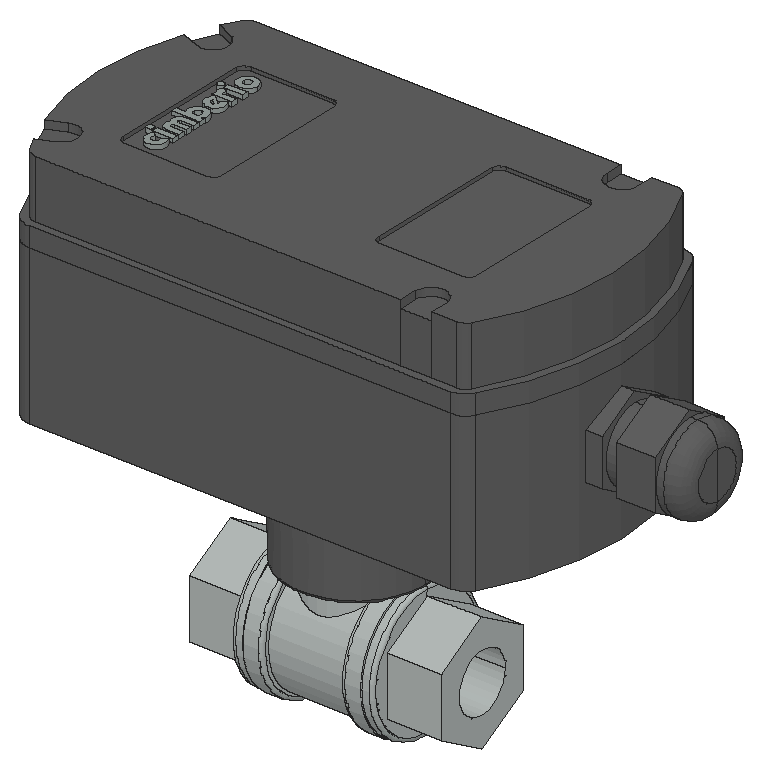
Revit family "QD31500000", category Apparecchi idraulici, Revit 2020
Family settings
  Quota connettore circolare = Usa diametro
  Tipo di parte = Normale
  Numero OmniClass = 23.45.00.00
  Titolo OmniClass = Sanitary, Laundry, and Cleaning Equipment
  Basato su piano di lavoro = No
  Sempre verticale = Sì
  Taglio con vuoti quando caricato = No
  Condiviso = No
  Punto di calcolo locali = No
Parameters
  URL = "https://web.cimberio.it/index.php/figura/615?subcategoria_id=74926"
  Temperatura di esercizio = "-20 ÷ 150°C"
  Prospetto di default = 0 mm
  Produttore = "CIMBERIO SPA"
  Pressione nominale = "PN 100 (1/2\"); PN 64 (3/4\" ÷ 1\")"
  Modello = "Cim 702RE"
  Materiale = "Prodotto in lega di ottone conforme alla norma EN 12165-CW617N-DW"
  Descrizione = "Utilizzato nei più svariati settori dell'impiantistica: impianti di riscaldamento, condizionamento, idrici, igienico-sanitari, aria compressa e in generale con ogni fluido non corrosivo.\r\nParticolarmente indicato come valvola di zona per la regolazione e contabilizzazione di impianti di riscaldamento singoli o a zone, impianti con utilizzazione di energie alternative, impianti con fluidi caldi o freddi e impianti di automazione in genere."
  DN Model [instance] = QD31501015 : QD31501015
  DN [instance] = 15 mm
  Commenti sul tipo = "Realizzato in ottemperanza ai requisiti gestionali della norma EN ISO 9001.\r\nCollaudato al 100% secondo la normativa EN 12266-1."
Reference planes
  plane 1 "Centro (Fronte/Retro)": y = 0
  plane 2: z = 0
  plane 3 "Centro (Sinistra/Destra)": x = 0
Dimensions and locks
  aligned and locked: level to plane 2
Nested families
  nested 1: "QD31501015" at (0, 0, 0), type <- "DN Model", type "QD31501015"
  nested 2: "QD31501015" at (0, 0, 0), type <- "DN Model", type "QD31501015"
  nested 3: "QD31501015" at (0, 0, 0), type <- "DN Model", type "QD31501015"
  nested 4: "QD31501015" at (0, 0, 0), type <- "DN Model", type "QD31501015"
  nested 5: "QD31501015" at (0, 0, 0), type <- "DN Model", type "QD31501015"
  nested 6: "QD31501015" at (0, 0, 0), type <- "DN Model", type "QD31501015"
  nested 7: "QD31501015" at (0, 0, 0), type <- "DN Model", type "QD31501015"
  nested 8: "QD31501015" at (0, 0, 0), type <- "DN Model", type "QD31501015"
  nested 9: "QD31501015" at (0, 0, 0), type <- "DN Model", type "QD31501015"
Connectors
  piping at (32.05, 0, 0), diameter 15, driven by "DN"
    settings: on nested 1, index 1, connector inside diameter 609.6 mm, connector length 0 mm, flow factor 0, pipe flow 0.0 L/s, pressure drop 0.0 Pa, fitting loss kfactor 0, connector angle 0.00°, fixture units 0, engagement length 0 mm, angle of deflection 0.00°, flow configuration 0, flow direction 0, fitting loss method 0, system type 7, joint type 0, gender type 0, connector reference index -1, connector utility 0, adjustable connector no, is connector primary yes, connector description ""
  piping at (-32.05, 0, 0), diameter 15, driven by "DN"
    settings: on nested 1, index 2, connector inside diameter 609.6 mm, connector length 0 mm, flow factor 0, pipe flow 0.0 L/s, pressure drop 0.0 Pa, fitting loss kfactor 0, connector angle 0.00°, fixture units 0, engagement length 0 mm, angle of deflection 0.00°, flow configuration 0, flow direction 0, fitting loss method 0, system type 7, joint type 0, gender type 0, connector reference index -1, connector utility 0, adjustable connector no, is connector primary no, connector description ""
Definition of nested family "QD31501015"
  Parameters (values of type "QD31501015")
    URL = "https://web.cimberio.it/index.php/figura/394?subcategoria_id="
    Temperatura di esercizio = "-10 ÷ 95°C"
    Default Elevation = 0 mm
    Manufacturer = "CIMBERIO SPA"
    Pressione nominale = "PN 16"
    Model = "Cim 32"
    Materiale = "Prodotto in lega di ottone conforme alla norma EN 12165-CW617N-DW"
    Description = "Impiegato nei più svariati settori dell'impiantistica in condutture anti-ritorno per: reti di distribuzione acqua potabile, impianti di riscaldamento, condizionamento, igienico-sanitari e in generale con ogni fluido non corrosivo."
    DN [instance] = 50 mm
    Type Comments = "Realizzato in ottemperanza ai requisiti gestionali della norma EN ISO 9001.\r\nCollaudato al 100% secondo la normativa EN 12266-1"
  Reference planes
    plane 1 "Centro (Fronte/Retro)": y = 0
    plane 2: z = 0
    plane 3 "Centro (Sinistra/Destra)": x = 0
  Forms (mm)
    Revolve 1, solid
      sketch origin (0, 0, 0) x (1, 0, 0) y (0, 0, 1)
        loop
          line (-15.05, -7.5) -> (-18.05, -7.5) -> (-18.05, -16.25)
          arc (-18.05, -16.25) -> (-17.757, -16.957) -> (-17.05, -17.25) r 1
          line (-17.05, -17.25) -> (-15.05, -17.25) -> (-15.05, -7.5)
        axis (-18.05, 0) -> (-15.05, 0)
      angle from 0 to 360
    Extrusion 2, solid
      sketch origin (0, 0, 0) x (0, 1, 0) y (0, 0, 1)
        loop
          circle (0, 0) r 7.5
        loop
          line (0, 15) -> (-12.99, 7.5) -> (-12.99, -7.5) -> (0, -15) -> (12.99, -7.5) -> (12.99, 7.5) -> (0, 15)
      from -32.05 to -18.05
    Revolve 3, solid
      sketch origin (0, 0, 0) x (1, 0, 0) y (0, 0, 1)
        loop
          line (11.504, 21.487) -> (11.504, 37.805) -> (0, 37.805) -> (0, 8.315) -> (12.31, 8.315) -> (12.31, 20.681)
          arc (12.31, 20.681) -> (11.74, 20.917) -> (11.504, 21.487) r 0.806
        axis (0, 37.805) -> (0, 8.315)
      angle from 0 to 360
    Extrusion 4, solid
      sketch origin (0, 0, 0) x (1, 0, 0) y (0, 0, 1)
        loop
          line (-16, 34.091) -> (-16, 17.197) -> (-11, 17.197) -> (-11, 34.091) -> (-16, 34.091)
      from -0.812 to 0.713
    Revolve 5, solid
      sketch origin (0, 0, -6.5) x (1, 0, 0) y (0, 0, 1)
        loop
          line (0, 51.8) -> (0, 36.671) -> (3.652, 36.671) -> (3.652, 23.3) -> (16.983, 23.3)
          arc (16.983, 23.3) -> (17.427, 23.419) -> (17.69, 23.796) r 0.672
          line (17.69, 23.796) -> (17.955, 46.8) -> (19, 46.8)
          arc (19, 46.8) -> (19.707, 47.093) -> (20, 47.8) r 1
          line (20, 47.8) -> (20, 51.8) -> (0, 51.8)
        axis (0, 51.8) -> (0, 23.3)
      angle from 0 to 360
    Extrusion 6, solid
      sketch origin (0, 0, -6.5) x (1, 0, 0) y (0, 1, 0)
        loop
          arc (-53.687, 37) -> (-56.156, 36.347) -> (-57.982, 34.56) r 5
          arc (-57.982, 34.56) -> (-67.5, 0) -> (-57.982, -34.56) r 67.5
          arc (-57.982, -34.56) -> (-56.156, -36.347) -> (-53.687, -37) r 5
          line (-53.687, -37) -> (53.687, -37)
          arc (53.687, -37) -> (56.156, -36.347) -> (57.982, -34.56) r 5
          arc (57.982, -34.56) -> (67.5, 0) -> (57.982, 34.56) r 67.5
          arc (57.982, 34.56) -> (56.156, 36.347) -> (53.687, 37) r 5
          line (53.687, 37) -> (-53.687, 37)
      from 51.8 to 91.8
    Extrusion 7, solid
      sketch origin (0, 0, 33.5) x (1, 0, 0) y (0, 1, 0)
        loop
          arc (-53.687, 37) -> (-56.156, 36.347) -> (-57.982, 34.56) r 5
          arc (-57.982, 34.56) -> (-67.5, 0) -> (-57.982, -34.56) r 67.5
          arc (-57.982, -34.56) -> (-56.156, -36.347) -> (-53.687, -37) r 5
          line (-53.687, -37) -> (53.687, -37)
          arc (53.687, -37) -> (56.156, -36.347) -> (57.982, -34.56) r 5
          arc (57.982, -34.56) -> (67.5, 0) -> (57.982, 34.56) r 67.5
          arc (57.982, 34.56) -> (56.156, 36.347) -> (53.687, 37) r 5
          line (53.687, 37) -> (-53.687, 37)
      from 51.8 to 56.8
    Extrusion 8, solid
      sketch origin (0, 0, -6.5) x (1, 0, 0) y (0, 1, 0)
        loop
          arc (-53.687, 35) -> (-55.168, 34.608) -> (-56.264, 33.536) r 3
          arc (-56.264, 33.536) -> (-57.395, 31.561) -> (-58.457, 29.547) r 65.5
          arc (-58.457, 29.547) -> (-60.152, 25.922) -> (-61.623, 22.2) r 65.5
          arc (-61.623, 22.2) -> (-65.5, 0) -> (-61.623, -22.2) r 65.5
          arc (-61.623, -22.2) -> (-60.152, -25.922) -> (-58.457, -29.547) r 65.5
          arc (-58.457, -29.547) -> (-57.395, -31.561) -> (-56.264, -33.536) r 65.5
          arc (-56.264, -33.536) -> (-55.168, -34.608) -> (-53.687, -35) r 3
          line (-53.687, -35) -> (39.293, -35) -> (47.293, -35) -> (53.687, -35)
          arc (53.687, -35) -> (55.168, -34.608) -> (56.264, -33.536) r 3
          arc (56.264, -33.536) -> (65.5, 0) -> (56.264, 33.536) r 65.5
          arc (56.264, 33.536) -> (55.168, 34.608) -> (53.687, 35) r 3
          line (53.687, 35) -> (47.293, 35) -> (39.293, 35) -> (-53.687, 35)
      from 96.8 to 111.8
    Extrusion 9, solid
      sketch origin (0, 0, 68.344) x (0, 1, 0) y (0, 0, 1)
        loop
          line (0, 11.95) -> (-10.349, 5.975) -> (-10.349, -5.975) -> (0, -11.95) -> (10.349, -5.975) -> (10.349, 5.975) -> (0, 11.95)
      from 53.687 to 71
    Revolve 10, solid
      sketch origin (0, 0, -6.5) x (1, 0, 0) y (0, 0, 1)
        loop
          line (71, 84.3) -> (71, 79.687) -> (75, 79.687) -> (75, 84.3) -> (71, 84.3)
        axis (71, 74.844) -> (75, 74.844)
      angle from 0 to 360
    Extrusion 11, solid
      sketch origin (0, 0, -6.5) x (0, 1, 0) y (0, 0, 1)
        loop
          line (0, 87.344) -> (-10.825, 81.094) -> (-10.825, 68.594) -> (0, 62.344) -> (10.825, 68.594) -> (10.825, 81.094) -> (0, 87.344)
      from 75 to 85
    Revolve 12, solid
      sketch origin (0, 0, -6.5) x (1, 0, 0) y (0, 0, 1)
        loop
          line (92, 74.844) -> (92, 80.8)
          arc (92, 80.8) -> (90.535, 84.336) -> (86.998, 85.8) r 5
          line (86.998, 85.8) -> (85, 85.8) -> (85, 74.844) -> (92, 74.844)
        axis (85, 74.844) -> (92, 74.844)
      angle from 0 to 360
    Extrusion 13, void
      sketch origin (0, 0, -6.5) x (1, 0, 0) y (0, 1, 0)
        loop
          arc (-57.295, 20.329) -> (-52.036, 22.412) -> (-54.12, 27.671) r 4
          line (-54.12, 27.671) -> (-59.289, 29.907) -> (-62.465, 22.564) -> (-57.295, 20.329)
        loop
          arc (-54.12, -27.671) -> (-52.036, -22.412) -> (-57.295, -20.329) r 4
          line (-57.295, -20.329) -> (-62.083, -22.399) -> (-58.908, -29.742) -> (-54.12, -27.671)
        loop
          arc (39.293, 30.5) -> (43.293, 26.5) -> (47.293, 30.5) r 4
          line (47.293, 30.5) -> (47.293, 35.946) -> (39.293, 35.946) -> (39.293, 30.5)
        loop
          line (39.293, -30.43) -> (39.293, -35) -> (47.293, -35) -> (47.293, -30.5)
          arc (47.293, -30.5) -> (43.293, -26.5) -> (39.293, -30.5) r 4
      from 109.8 to 117.274
    Extrusion 14, void
      sketch origin (0, 0, -6.5) x (1, 0, 0) y (0, 1, 0)
        loop
          line (-21.999, 20) -> (-43.001, 20)
          arc (-43.001, 20) -> (-44.415, 19.414) -> (-45, 18) r 2
          line (-45, 18) -> (-45, -18)
          arc (-45, -18) -> (-44.414, -19.415) -> (-42.999, -20) r 2
          line (-42.999, -20) -> (-21.999, -20)
          arc (-21.999, -20) -> (-20.585, -19.414) -> (-20, -18) r 2
          line (-20, -18) -> (-20, 18)
          arc (-20, 18) -> (-20.585, 19.414) -> (-21.999, 20) r 2
        loop
          arc (22.001, 20) -> (20.586, 19.415) -> (20, 18) r 2
          line (20, 18) -> (20, -18)
          arc (20, -18) -> (20.586, -19.415) -> (22.001, -20) r 2
          line (22.001, -20) -> (43.001, -20)
          arc (43.001, -20) -> (44.415, -19.414) -> (45, -18) r 2
          line (45, -18) -> (45, 18)
          arc (45, 18) -> (44.415, 19.414) -> (43.001, 20) r 2
          line (43.001, 20) -> (22.001, 20)
      from 111.039 to 121
    Extrusion 15, solid
      sketch origin (0, 0, 104.539) x (1, 0, 0) y (0, 1, 0)
        loop
          arc (-41.222, -13.089) -> (-39.283, -17.248) -> (-37.344, -13.089) r 2.531
          line (-37.344, -13.089) -> (-38.507, -14.066)
          arc (-38.507, -14.066) -> (-39.283, -15.729) -> (-40.058, -14.066) r 1.013
          line (-40.058, -14.066) -> (-41.222, -13.089)
        loop
          line (-36.751, -12.583) -> (-36.751, -11.064) -> (-41.814, -11.064) -> (-41.814, -12.583) -> (-36.751, -12.583)
        loop
          circle (-43.08, -11.824) r 0.861
        loop
          line (-36.751, -9.039) -> (-39.89, -9.039)
          arc (-39.89, -9.039) -> (-40.295, -8.634) -> (-39.89, -8.229) r 0.405
          line (-39.89, -8.229) -> (-36.751, -8.229) -> (-36.751, -6.711) -> (-39.89, -6.711)
          arc (-39.89, -6.711) -> (-40.295, -6.306) -> (-39.89, -5.901) r 0.405
          line (-39.89, -5.901) -> (-36.751, -5.901) -> (-36.751, -4.382) -> (-39.89, -4.382)
          arc (-39.89, -4.382) -> (-41.614, -5.451) -> (-41.422, -7.47) r 1.924
          arc (-41.422, -7.47) -> (-41.614, -9.489) -> (-39.89, -10.558) r 1.924
          line (-39.89, -10.558) -> (-36.751, -10.558) -> (-36.751, -9.039)
        loop
          line (-43.839, -3.876) -> (-36.751, -3.876) -> (-36.751, -2.357) -> (-37.544, -2.357) -> (-36.841, -2.013)
          arc (-36.841, -2.013) -> (-39.465, 1.18) -> (-41.603, -2.357) r 2.531
          line (-41.603, -2.357) -> (-43.839, -2.357) -> (-43.839, -3.876)
        loop
          circle (-39.283, -1.344) r 1.012
        loop
          arc (-41.013, 6.072) -> (-39.435, 1.698) -> (-37.344, 5.851) r 2.531
          line (-37.344, 5.851) -> (-38.507, 4.875)
          arc (-38.507, 4.875) -> (-38.282, 4.378) -> (-38.348, 3.836) r 1.013
          line (-38.348, 3.836) -> (-41.013, 6.072)
        loop
          line (-38.738, 3.371) -> (-40.218, 4.612)
          arc (-40.218, 4.612) -> (-39.934, 3.449) -> (-38.738, 3.371) r 1.013
        loop
          line (-36.751, 6.358) -> (-36.751, 7.876) -> (-40.426, 7.876)
          arc (-40.426, 7.876) -> (-41.131, 9.395) -> (-41.814, 7.867) r 0.92
          line (-41.814, 7.867) -> (-41.814, 6.358) -> (-36.751, 6.358)
        loop
          line (-36.751, 9.901) -> (-36.751, 11.42) -> (-41.814, 11.42) -> (-41.814, 9.901) -> (-36.751, 9.901)
        loop
          circle (-43.08, 10.661) r 0.861
        loop
          circle (-39.283, 14.458) r 2.531
        loop
          circle (-39.283, 14.458) r 1.012
      from 0 to 1
    Revolve 16, solid
      sketch origin (0, 0, 0) x (-1, 0, 0) y (0, 0, 1)
        loop
          line (-15.05, -7.5) -> (-18.05, -7.5) -> (-18.05, -16.25)
          arc (-18.05, -16.25) -> (-17.757, -16.957) -> (-17.05, -17.25) r 1
          line (-17.05, -17.25) -> (-15.05, -17.25) -> (-15.05, -7.5)
        axis (-18.05, 0) -> (-15.05, 0)
      angle from 0 to 360
    Revolve 17, solid
      sketch origin (0, 0, 0) x (1, 0, 0) y (0, 0, 1)
        loop
          line (-15.05, -7.5) -> (-15.05, -17.5) -> (-11, -17.5)
          arc (-11, -17.5) -> (-10.293, -17.207) -> (-10, -16.5) r 1
          line (-10, -16.5) -> (-10, -15.685) -> (10, -15.685) -> (10, -16.5)
          arc (10, -16.5) -> (10.293, -17.207) -> (11, -17.5) r 1
          line (11, -17.5) -> (15.05, -17.5) -> (15.05, -7.5) -> (-15.05, -7.5)
        axis (-15.05, 0) -> (15.05, 0)
      angle from 0 to 360
    Extrusion 18, solid
      sketch origin (0, 0, 0) x (0, 1, 0) y (0, 0, -1)
        loop
          circle (0, 0) r 7.5
        loop
          line (0, -15) -> (12.99, -7.5) -> (12.99, 7.5) -> (0, 15) -> (-12.99, 7.5) -> (-12.99, -7.5) -> (0, -15)
      from -32.05 to -18.05
  Cuts and joins
    Extrusion 13 cuts Extrusion 6
    Extrusion 13 cuts Extrusion 7
    Extrusion 13, Extrusion 14 cuts Extrusion 8
  Dimensions and locks
    aligned and locked: level to plane 2
